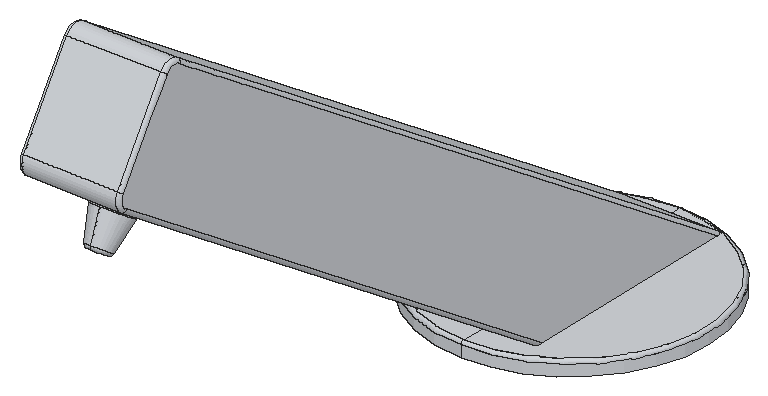
Revit family "Accessory-Touchless-Soap_Dispenser-KOHLER-Angle-K-25193", category Specialty Equipment, host Face, Revit 2017
Family settings
  Host = Face
  Round Connector Dimension = Use Diameter
  Part Type = Normal
  OmniClass Number = 23.31.25.29.13
  OmniClass Title = Hand Soap Dispensers
  Cut with Voids When Loaded = No
  Shared = No
  Room Calculation Point = No
Parameters (values of type "CP-Polished Chrome")
  Width = 1 7/8"  # constant formula
  WaterSense Certified = 1 = 0  # no
  URL = "https://www.us.kohler.com/us/"
  Type = 1
  Product Page URL = "http://www.us.kohler.com/us/catalog/productDetails.jsp?productId=25193"
  Product Name = "Angle"  # constant formula
  Product Documentation Link = "https://www.us.kohler.com/webassets/kpna/catalog/pdf/en/K-25193_spec_US-CA_Kohler_en.pdf"
  Model = "K-25193-CP"  # constant formula
  Material = "Cast Brass Construction"  # constant formula
  Master Format 2014 Name = "Toilet, Bath, and Laundry Accessories"  # constant formula
  Master Format 2014 = "10 28 00"  # constant formula
  Manufacturer Address = "444 Highland Dr, Kohler, WI 53044"  # constant formula
  Manufacturer = "KOHLER Co."  # constant formula
  Length = 5 5/8"  # constant formula
  Height = 3 3/16"  # constant formula
  Finish = Kohler-Metal-CP-Polished_Chrome
  Environmental Product Declaration = ""
  Description = "Foam Soap Dispenser-DC"  # constant formula
  Default Elevation = 42"
  Declare Label = ""
  Date Modified = "08/13/2020"  # constant formula
  Date Created = "08/13/2020"  # constant formula
  Copyright = "Copyright KOHLER Co."  # constant formula
  Contact Us = "https://www.us.kohler.com/us/static/contact.jsp"
  Assembly Code = "C1030200"
  ADA Compliant = 1 = 0  # no
Reference planes (in)
  plane 1 "Center (Front/Back)": y = 0
  plane 2: z = 0
  plane 3 "Center (Left/Right)": x = 0
  plane 4: x = -0.9375
  plane 5: x = -0.34375
  plane 6: x = 0.34375
  plane 7: x = 0.9375
  plane 8: y = 0.9375
  plane 9: y = -0.9375
  plane 10: y = 0.84523
  plane 11: y = -4.26847
  plane 12: z = 3.1875
  plane 13: z = 2
  plane 14: through (0, -3.25255, 3.1875) normal (0, -0.8387, 0.5446)
  plane 15: through (0, -3.76878, 3.1875) normal (0, -0.5563, -0.831)
  plane 16: through (0, -0.58057, 0) normal (0, 0.5563, 0.831)
  plane 17: through (0, 0.78131, 0) normal (0, 0.8387, -0.5446)
  plane 18: through (0, -3.85575, 3.1875) normal (0, -0.8387, 0.5446)
  plane 19: z = 0.09843
Dimensions and locks (in)
  "Width": plane 4 to plane 7
  locked: plane 8 to plane 9 at 1.875
  plane 5 to plane 6 = 11/16"
  "Height": level to plane 12
  "Length": plane 17 to plane 18
  plane 16 to plane 15 = 7/8"
  level to plane 13 = 2"
  aligned and locked: plane 2 to host face
  aligned and locked: level to host face
  aligned and locked: plane 3 "Center (Left/Right)" to nested 1
  aligned and locked: plane 1 "Center (Front/Back)" to nested 1
Automatic sketch dimensions
  host sketch curve to host sketch curve = 96"  (x2)
Nested families (in)
  nested 1: "K-25193" at (0, 0, 0), type "K-25193"
Definition of nested family "K-25193"
  Parameters (values of type "K-25193")
    Material = none
  Reference planes (in)
    plane 1 "Center (Front/Back)": y = 0
    plane 2: z = 0
    plane 3 "Center (Left/Right)": x = 0
    plane 4: x = -0.9375
    plane 5: x = 0.9375
    plane 6: y = 0.9375
    plane 7: y = -0.9375
    plane 8: x = -0.34375
    plane 9: x = 0.34375
    plane 10: z = 3.1875
    plane 11: through (0, -4.28641, 2.52434) normal (0, 0.8387, -0.5446)
    plane 12: z = 2
    plane 13: z = 0.09843
    plane 14: through (0, 0.84523, 0.09843) normal (0, -0.8387, 0.5446)
    plane 15: through (0, 0.84523, 0.09843) normal (0, 0.5563, 0.831)
    plane 16 "A": through (0, -4.16898, 2.40244) normal (0, -0.5563, -0.831)
    plane 17: through (0, -4.06686, 1.93358) normal (0, 0.8387, -0.5446)
    plane 18: y = -4.26847
    plane 19: y = 0.84523
    plane 20: y = -4.02372
  Forms (in)
    Revolve 1, solid, material <- "Material", detail levels medium+fine
      sketch origin (0, 0, 0) x (0, 1, 0) y (0, 0, 1)
        loop
          line (0.9375, 0) -> (0.9375, 0.07594)
          arc (0.9375, 0.07594) -> (0.93091, 0.09184) -> (0.91502, 0.09843) r 0.02248
          line (0.91502, 0.09843) -> (0, 0.09843) -> (0, 0) -> (0.9375, 0)
        axis (0, 0.09843) -> (0, 0)
      angle from 0 to 360
    Sweep 2, solid, material <- "Material", detail levels medium+fine
      path origin (0, 0, 0) x (0, 1, 0) y (0, 0, 1)
        loop
          line (0.84555, 0.09821) -> (-3.74436, 3.17115)
          arc (-3.74436, 3.17115) -> (-3.82079, 3.18615) -> (-3.88513, 3.14226) r 0.10091
          line (-3.88513, 3.14226) -> (-4.25145, 2.57817)
          arc (-4.25145, 2.57817) -> (-4.26576, 2.50243) -> (-4.22278, 2.43846) r 0.10156
          line (-4.22278, 2.43846) -> (-0.63633, 0.03733)
      profile origin (0, -1.4494, 1.63468) x (0, -0.556329, -0.830962) y (1, 0, 0)
        loop
          line (0, 0.3179) -> (0, -0.3179)
          arc (0, -0.3179) -> (0.00757, -0.33618) -> (0.02585, -0.34375) r 0.02585
          line (0.02585, -0.34375) -> (0.06058, -0.34375) -> (0.06058, 0.34375) -> (0.02585, 0.34375)
          arc (0.02585, 0.34375) -> (0.00757, 0.33618) -> (0, 0.3179) r 0.02585
    Extrusion 3, solid, material <- "Material", detail levels medium+fine
      sketch origin (0, 0, 0) x (0, 1, 0) y (0, 0, 1)
        loop
          arc (-3.77806, 3.12081) -> (-3.80861, 3.1268) -> (-3.83432, 3.10926) r 0.04033
          line (-3.83432, 3.10926) -> (-4.20065, 2.54517)
          arc (-4.20065, 2.54517) -> (-4.20642, 2.51461) -> (-4.18907, 2.4888) r 0.04098
          line (-4.18907, 2.4888) -> (-0.54317, 0.04787) -> (0.81185, 0.04787) -> (-3.77806, 3.12081)
      from -0.34375 to 0.34375
    Revolve 4, solid, material <- "Material", detail levels medium+fine
      sketch origin (0, 0, 0) x (0, 1, 0) y (0, 0, 1)
        loop
          line (-4.00787, 2.26906) -> (-4.08257, 2.06383)
          arc (-4.08257, 2.06383) -> (-4.08172, 2.04225) -> (-4.066, 2.02745) r 0.02852
          line (-4.066, 2.02745) -> (-3.96912, 2.17663) -> (-3.92723, 2.14858) -> (-3.88435, 2.21462) -> (-4.0189, 2.302)
          arc (-4.0189, 2.302) -> (-4.00763, 2.28745) -> (-4.00787, 2.26906) r 0.0279
        axis (-4.02372, 2) -> (-3.88435, 2.21462)
      angle from 0 to 360
    Extrusion 5, void
      sketch origin (0, -0.17969, -0.26839) x (0, -0.830962, 0.556329) y (-1, 0, 0)
        loop
          arc (1.15437, -0.25234) -> (1.1681, -0.28548) -> (1.20125, -0.29921) r 0.04688
          line (1.20125, -0.29921) -> (4.75393, -0.29921)
          arc (4.75393, -0.29921) -> (4.78708, -0.28548) -> (4.80081, -0.25234) r 0.04688
          line (4.80081, -0.25234) -> (4.80081, 0.25234)
          arc (4.80081, 0.25234) -> (4.78708, 0.28548) -> (4.75393, 0.29921) r 0.04688
          line (4.75393, 0.29921) -> (1.2031, 0.29921)
          arc (1.2031, 0.29921) -> (1.16865, 0.28494) -> (1.15437, 0.25048) r 0.04873
          line (1.15437, 0.25048) -> (1.15437, -0.25234)
        loop
          line (4.78909, -0.25234) -> (4.78909, 0.25234)
          arc (4.78909, 0.25234) -> (4.77879, 0.2772) -> (4.75393, 0.28749) r 0.03516
          line (4.75393, 0.28749) -> (1.2031, 0.28749)
          arc (1.2031, 0.28749) -> (1.17693, 0.27665) -> (1.16609, 0.25048) r 0.03701
          line (1.16609, 0.25048) -> (1.16609, -0.25234)
          arc (1.16609, -0.25234) -> (1.17639, -0.2772) -> (1.20125, -0.28749) r 0.03516
          line (1.20125, -0.28749) -> (4.75393, -0.28749)
          arc (4.75393, -0.28749) -> (4.77879, -0.2772) -> (4.78909, -0.25234) r 0.03516
      from 0.02283 to -0.05783
    Extrusion 6, void
      sketch origin (0, -0.12775, -0.30316) x (0, -0.830962, 0.556329) y (-1, 0, 0)
        loop
          circle (4.52055, -0.00075) r 0.2563
        loop
          circle (4.52055, -0.00075) r 0.24458
      from -0.06058 to 0.12501
    Revolve 7, solid, material <- "Material", detail levels coarse
      sketch origin (0, 0, 0) x (0, 1, 0) y (0, 0, 1)
        loop
          line (0.9375, 0) -> (0.9375, 0.09843) -> (0, 0.09843) -> (0, 0) -> (0.9375, 0)
        axis (0, 0.09843) -> (0, 0)
      angle from 0 to 360
    Extrusion 8, solid, material <- "Material", detail levels coarse
      sketch origin (0, 0, 0) x (0, 1, 0) y (0, 0, 1)
        loop
          line (0.84523, 0.09843) -> (-3.74335, 3.17047)
          arc (-3.74335, 3.17047) -> (-3.82068, 3.18565) -> (-3.88579, 3.14124) r 0.10211
          line (-3.88579, 3.14124) -> (-4.25235, 2.57679)
          arc (-4.25235, 2.57679) -> (-4.26643, 2.50229) -> (-4.22415, 2.43937) r 0.09989
          line (-4.22415, 2.43937) -> (-0.72758, 0.09843) -> (0.84523, 0.09843)
      from -0.34375 to 0.34375
    Revolve 9, solid, material <- "Material", detail levels coarse
      sketch origin (0, 0, 0) x (0, 1, 0) y (0, 0, 1)
        loop
          line (-3.88025, 2.22093) -> (-4.02372, 2) -> (-3.95844, 1.95761) -> (-3.74876, 2.13554) -> (-3.88025, 2.22093)
        axis (-3.87926, 2.22291) -> (-4.02702, 2.00221)
      angle from 0 to 360
  Cuts and joins
    Extrusion 5, Extrusion 6 cuts Sweep 2
    joined: Revolve 1, Sweep 2, Extrusion 3
    joined: Revolve 7, Extrusion 8, Revolve 9
  Lines and regions (in)
    Masking region 1
      outline origin (0, 0, 0) x (0, 1, 0) y (0, 0, 1)
        loop
          arc (0.9375, 0.07646) -> (0.93107, 0.09199) -> (0.91554, 0.09843) r 0.02196
          line (0.91554, 0.09843) -> (0.84523, 0.09843) -> (-3.74335, 3.17047)
          arc (-3.74335, 3.17047) -> (-3.82068, 3.18565) -> (-3.88579, 3.14124) r 0.10211
          line (-3.88579, 3.14124) -> (-4.25235, 2.57679)
          arc (-4.25235, 2.57679) -> (-4.26643, 2.50229) -> (-4.22415, 2.43937) r 0.09989
          line (-4.22415, 2.43937) -> (-4.01791, 2.30129)
          arc (-4.01791, 2.30129) -> (-4.00732, 2.28732) -> (-4.00761, 2.26978) r 0.02687
          line (-4.00761, 2.26978) -> (-4.08311, 2.06233)
          arc (-4.08311, 2.06233) -> (-4.08333, 2.04538) -> (-4.07295, 2.03197) r 0.02572
          line (-4.07295, 2.03197) -> (-4.02372, 2) -> (-3.97449, 1.96803)
          arc (-3.97449, 1.96803) -> (-3.95802, 1.964) -> (-3.94262, 1.9711) r 0.02572
          line (-3.94262, 1.9711) -> (-3.78539, 2.12294)
          arc (-3.78539, 2.12294) -> (-3.77091, 2.12955) -> (-3.75549, 2.12561) r 0.0239
          line (-3.75549, 2.12561) -> (-0.72758, 0.09843) -> (-0.91554, 0.09843)
          arc (-0.91554, 0.09843) -> (-0.93107, 0.09199) -> (-0.9375, 0.07646) r 0.02196
          line (-0.9375, 0.07646) -> (-0.9375, 0) -> (0.9375, 0) -> (0.9375, 0.07646)
    Masking region 2
      outline origin (0, 0, 0) x (1, 0, 0) y (0, 1, 0)
        loop
          arc (0, 0.9375) -> (-0.66291, 0.66291) -> (-0.9375, 0) r 0.9375
          arc (-0.9375, 0) -> (-0.77497, -0.52756) -> (-0.34375, -0.87221) r 0.9375
          line (-0.34375, -0.87221) -> (-0.34375, -4.24109)
          arc (-0.34375, -4.24109) -> (-0.33573, -4.26045) -> (-0.31638, -4.26847) r 0.02737
          line (-0.31638, -4.26847) -> (0.31638, -4.26847)
          arc (0.31638, -4.26847) -> (0.33573, -4.26045) -> (0.34375, -4.24109) r 0.02737
          line (0.34375, -4.24109) -> (0.34375, -0.87221)
          arc (0.34375, -0.87221) -> (0.77497, -0.52756) -> (0.9375, 0) r 0.9375
          arc (0.9375, 0) -> (0.66291, 0.66291) -> (0, 0.9375) r 0.9375
    Masking region 3
      outline origin (0, 0, 0) x (1, 0, 0) y (0, 0, 1)
        loop
          line (-0.9375, 0) -> (0.9375, 0) -> (0.9375, 0.07566)
          arc (0.9375, 0.07566) -> (0.93083, 0.09176) -> (0.91473, 0.09843) r 0.02277
          line (0.91473, 0.09843) -> (0.34375, 0.09843) -> (0.34375, 3.16253)
          arc (0.34375, 3.16253) -> (0.33644, 3.18019) -> (0.31878, 3.1875) r 0.02497
          line (0.31878, 3.1875) -> (-0.31878, 3.1875)
          arc (-0.31878, 3.1875) -> (-0.33644, 3.18019) -> (-0.34375, 3.16253) r 0.02497
          line (-0.34375, 3.16253) -> (-0.34375, 0.09843) -> (-0.91473, 0.09843)
          arc (-0.91473, 0.09843) -> (-0.93083, 0.09176) -> (-0.9375, 0.07566) r 0.02277
          line (-0.9375, 0.07566) -> (-0.9375, 0)
    symbolic lines, detail levels medium+fine
      curve 1: line (0, 0.84618, 0.09843) -> (0, -0.72853, 0.09843)
      curve 2: line (0, -3.75549, 2.12561) -> (0, -4.01791, 2.30129)
      curve 3: line (-0.34375, -0.87221, 0) -> (-0.34375, 0.81601, 0)
      curve 4: line (0.31453, 0.84523, 0) -> (-0.31453, 0.84523, 0)
      curve 5: line (0.34375, 0.81601, 0) -> (0.34375, -0.87221, 0)
      curve 6: arc (-0.34375, 0.81601, 0) -> (-0.33519, 0.83667, 0) -> (-0.31453, 0.84523, 0) r 0.02922
      curve 7: arc (0.34375, 0.81601, 0) -> (0.33519, 0.83667, 0) -> (0.31453, 0.84523, 0) r 0.02922
      curve 8: line (-0.34276, 0, 0.09843) -> (0.34375, 0, 0.09843)
      curve 9: line (0.25234, 0, 2.39592) -> (-0.25234, 0, 2.39592)
      curve 10: spline (-0.25234, 0, 2.39592) -> (-0.25693, 0, 2.39575) -> (-0.26144, 0, 2.39525) -> (-0.26579, 0, 2.39443) -> (-0.26992, 0, 2.3933) -> (-0.27374, 0, 2.39188) -> (-0.2772, 0, 2.39019) -> (-0.28023, 0, 2.38827) -> (-0.28278, 0, 2.38614) -> (-0.28482, 0, 2.38384) -> (-0.2863, 0, 2.38142) -> (-0.28719, 0, 2.37891) -> (-0.28749, 0, 2.37636)
      curve 11: line (-0.28749, 0, 2.37636) -> (-0.28749, 0, 0.40093)
      curve 12: spline (-0.28749, 0, 0.40093) -> (-0.28718, 0, 0.39824) -> (-0.28623, 0, 0.3956) -> (-0.28468, 0, 0.39305) -> (-0.28254, 0, 0.39063) -> (-0.27985, 0, 0.3884) -> (-0.27665, 0, 0.38637) -> (-0.27301, 0, 0.38459) -> (-0.26899, 0, 0.3831) -> (-0.26465, 0, 0.38191) -> (-0.26006, 0, 0.38104) -> (-0.25531, 0, 0.38052) -> (-0.25048, 0, 0.38034)
      curve 13: line (-0.25048, 0, 0.38034) -> (0.25234, 0, 0.38034)
      curve 14: spline (0.25234, 0, 0.38034) -> (0.25693, 0, 0.38051) -> (0.26144, 0, 0.38101) -> (0.26579, 0, 0.38183) -> (0.26992, 0, 0.38296) -> (0.27374, 0, 0.38438) -> (0.2772, 0, 0.38607) -> (0.28023, 0, 0.38799) -> (0.28278, 0, 0.39012) -> (0.28482, 0, 0.39241) -> (0.2863, 0, 0.39484) -> (0.28719, 0, 0.39735) -> (0.28749, 0, 0.3999)
      curve 15: line (0.28749, 0, 0.3999) -> (0.28749, 0, 2.37636)
      curve 16: spline (0.28749, 0, 2.37636) -> (0.28719, 0, 2.37891) -> (0.2863, 0, 2.38142) -> (0.28482, 0, 2.38384) -> (0.28278, 0, 2.38614) -> (0.28023, 0, 2.38827) -> (0.2772, 0, 2.39019) -> (0.27374, 0, 2.39188) -> (0.26992, 0, 2.3933) -> (0.26579, 0, 2.39443) -> (0.26144, 0, 2.39525) -> (0.25693, 0, 2.39575) -> (0.25234, 0, 2.39592)
      curve 17: line (-0.25234, 0, 2.40244) -> (0.25234, 0, 2.40244)
      curve 18: spline (0.25234, 0, 2.40244) -> (0.25846, 0, 2.40221) -> (0.26447, 0, 2.40155) -> (0.27028, 0, 2.40045) -> (0.27578, 0, 2.39894) -> (0.28087, 0, 2.39705) -> (0.28548, 0, 2.3948) -> (0.28953, 0, 2.39223) -> (0.29293, 0, 2.3894) -> (0.29564, 0, 2.38634) -> (0.29762, 0, 2.38311) -> (0.29881, 0, 2.37976) -> (0.29921, 0, 2.37636)
      curve 19: line (0.29921, 0, 2.37636) -> (0.29921, 0, 0.3999)
      curve 20: spline (0.29921, 0, 0.3999) -> (0.29881, 0, 0.39649) -> (0.29762, 0, 0.39315) -> (0.29564, 0, 0.38992) -> (0.29293, 0, 0.38686) -> (0.28953, 0, 0.38402) -> (0.28548, 0, 0.38146) -> (0.28087, 0, 0.37921) -> (0.27578, 0, 0.37731) -> (0.27028, 0, 0.37581) -> (0.26447, 0, 0.37471) -> (0.25846, 0, 0.37404) -> (0.25234, 0, 0.37382)
      curve 21: line (0.25234, 0, 0.37382) -> (-0.25048, 0, 0.37382)
      curve 22: spline (-0.25048, 0, 0.37382) -> (-0.25684, 0, 0.37405) -> (-0.2631, 0, 0.37474) -> (-0.26913, 0, 0.37588) -> (-0.27485, 0, 0.37745) -> (-0.28015, 0, 0.37942) -> (-0.28494, 0, 0.38176) -> (-0.28914, 0, 0.38443) -> (-0.29268, 0, 0.38738) -> (-0.2955, 0, 0.39056) -> (-0.29755, 0, 0.39391) -> (-0.2988, 0, 0.39739) -> (-0.29921, 0, 0.40093)
      curve 23: line (-0.29921, 0, 0.40093) -> (-0.29921, 0, 2.37636)
      curve 24: spline (-0.29921, 0, 2.37636) -> (-0.29881, 0, 2.37976) -> (-0.29762, 0, 2.38311) -> (-0.29564, 0, 2.38634) -> (-0.29293, 0, 2.3894) -> (-0.28953, 0, 2.39223) -> (-0.28548, 0, 2.3948) -> (-0.28087, 0, 2.39705) -> (-0.27578, 0, 2.39894) -> (-0.27028, 0, 2.40045) -> (-0.26447, 0, 2.40155) -> (-0.25846, 0, 2.40221) -> (-0.25234, 0, 2.40244)
      curve 25: spline (0.00075, 0, 2.34782) -> (-0.05388, 0, 2.34438) -> (-0.10575, 0, 2.33424) -> (-0.15224, 0, 2.31791) -> (-0.19099, 0, 2.29622) -> (-0.22006, 0, 2.27026) -> (-0.23797, 0, 2.24134) -> (-0.24382, 0, 2.21092) -> (-0.23731, 0, 2.18055) -> (-0.21876, 0, 2.15176) -> (-0.18913, 0, 2.12599) -> (-0.1499, 0, 2.10456) -> (-0.10305, 0, 2.08855)
      curve 26: spline (0.10293, 0, 2.08813) -> (0.1501, 0, 2.104) -> (0.18969, 0, 2.12535) -> (0.21967, 0, 2.15108) -> (0.23854, 0, 2.1799) -> (0.24532, 0, 2.21034) -> (0.23967, 0, 2.24085) -> (0.22189, 0, 2.26988) -> (0.19287, 0, 2.29596) -> (0.1541, 0, 2.31775) -> (0.10753, 0, 2.33417) -> (0.05553, 0, 2.34436) -> (0.00075, 0, 2.34782)
      curve 27: spline (-0.10078, 0, 2.08083) -> (-0.15131, 0, 2.09698) -> (-0.19398, 0, 2.11905) -> (-0.22659, 0, 2.14592) -> (-0.24744, 0, 2.17619) -> (-0.25547, 0, 2.2083) -> (-0.25025, 0, 2.24059) -> (-0.23205, 0, 2.27139) -> (-0.20182, 0, 2.2991) -> (-0.16111, 0, 2.3223) -> (-0.11204, 0, 2.33979) -> (-0.05714, 0, 2.35065) -> (0.00075, 0, 2.35434)
      curve 28: spline (0.00075, 0, 2.35434) -> (0.05879, 0, 2.35063) -> (0.11381, 0, 2.33971) -> (0.16296, 0, 2.32215) -> (0.20368, 0, 2.29884) -> (0.23386, 0, 2.27102) -> (0.25193, 0, 2.24011) -> (0.25695, 0, 2.20773) -> (0.24866, 0, 2.17556) -> (0.22748, 0, 2.14527) -> (0.19453, 0, 2.11843) -> (0.15151, 0, 2.09645) -> (0.10066, 0, 2.08045)
      curve 29: line (0, 0, 2.44503) -> (-0.3144, 0, 2.44503)
      curve 30: arc (-0.3144, 0, 2.44503) -> (-0.33373, 0, 2.45218) -> (-0.34375, 0, 2.47018) r 0.0297
      curve 31: line (0, 0, 2.44503) -> (0.3144, 0, 2.44503)
      curve 32: arc (0.3144, 0, 2.44503) -> (0.33373, 0, 2.45218) -> (0.34375, 0, 2.47018) r 0.0297
      curve 33: spline (0, 0, 1.97255) -> (-0.01305, 0, 1.97348) -> (-0.0252, 0, 1.97623) -> (-0.03564, 0, 1.98059) -> (-0.04365, 0, 1.98627) -> (-0.04869, 0, 1.99289) -> (-0.05041, 0, 2) -> (-0.04869, 0, 2.00711) -> (-0.04365, 0, 2.01373) -> (-0.03564, 0, 2.01941) -> (-0.0252, 0, 2.02377) -> (-0.01305, 0, 2.02652) -> (0, 0, 2.02745)
      curve 34: spline (0, 0, 2.02745) -> (0.01305, 0, 2.02652) -> (0.0252, 0, 2.02377) -> (0.03564, 0, 2.01941) -> (0.04365, 0, 2.01373) -> (0.04869, 0, 2.00711) -> (0.05041, 0, 2) -> (0.04869, 0, 1.99289) -> (0.04365, 0, 1.98627) -> (0.03564, 0, 1.98059) -> (0.0252, 0, 1.97623) -> (0.01305, 0, 1.97348) -> (0, 0, 1.97255)
      curve 35: arc (0, 0, 1.96422) -> (-0.04015, 0, 1.97091) -> (-0.07357, 0, 1.99414) r 0.09275
      curve 36: arc (-0.10699, 0, 2.28014) -> (-0.05459, 0, 2.29643) -> (0, 0, 2.30193) r 0.27354
      curve 37: arc (-0.14679, 0, 2.24969) -> (-0.12881, 0, 2.26743) -> (-0.10699, 0, 2.28014) r 0.10081
      curve 38: arc (-0.14679, 0, 2.24969) -> (-0.15753, 0, 2.19918) -> (-0.12409, 0, 2.15983) r 0.05852
      curve 39: arc (0.10699, 0, 2.28014) -> (0.05459, 0, 2.29643) -> (0, 0, 2.30193) r 0.27354
      curve 40: arc (0.14679, 0, 2.24969) -> (0.12881, 0, 2.26743) -> (0.10699, 0, 2.28014) r 0.10081
      curve 41: arc (0.14679, 0, 2.24969) -> (0.15753, 0, 2.19918) -> (0.12409, 0, 2.15983) r 0.05852
      curve 42: arc (0, 0, 1.96422) -> (0.04015, 0, 1.97091) -> (0.07357, 0, 1.99414) r 0.09275
      curve 43: arc (-0.09897, 0, 2.25871) -> (-0.05083, 0, 2.27609) -> (0, 0, 2.28199) r 0.22203
      curve 44: arc (-0.11642, 0, 2.24694) -> (-0.10808, 0, 2.2534) -> (-0.09897, 0, 2.25871) r 0.08034
      curve 45: arc (-0.13288, 0, 2.1896) -> (-0.133, 0, 2.22066) -> (-0.11642, 0, 2.24694) r 0.05558
      curve 46: arc (0.09897, 0, 2.25871) -> (0.05083, 0, 2.27609) -> (0, 0, 2.28199) r 0.22203
      curve 47: arc (0.13288, 0, 2.1896) -> (0.133, 0, 2.22066) -> (0.11642, 0, 2.24694) r 0.05558
      curve 48: arc (0.11642, 0, 2.24694) -> (0.10808, 0, 2.2534) -> (0.09897, 0, 2.25871) r 0.08034
      curve 49: arc (-0.07571, 0, 2.01638) -> (-0.06717, 0, 2.02826) -> (-0.05698, 0, 2.03877) r 0.10019
      curve 50: arc (-0.07357, 0, 1.99414) -> (-0.07836, 0, 2.0049) -> (-0.07571, 0, 2.01638) r 0.01855
      curve 51: line (-0.07836, 0, 2.0049) -> (-0.13288, 0, 2.1896)
      curve 52: arc (0.07571, 0, 2.01638) -> (0.06717, 0, 2.02826) -> (0.05698, 0, 2.03877) r 0.10019
      curve 53: arc (0.07357, 0, 1.99414) -> (0.07836, 0, 2.0049) -> (0.07571, 0, 2.01638) r 0.01855
      curve 54: line (0.07836, 0, 2.0049) -> (0.13288, 0, 2.1896)
      curve 55: arc (-0.05698, 0, 2.03877) -> (-0.0298, 0, 2.05129) -> (0, 0, 2.05404) r 0.08852
      curve 56: arc (0.05698, 0, 2.03877) -> (0.0298, 0, 2.05129) -> (0, 0, 2.05404) r 0.08852
  Dimensions and locks (in)
    plane 10 to level = 3 3/16"
    plane 12 to level = 2"
    plane 11 to plane 14 = 5 5/8"
    plane 15 to plane 16 "A" = 7/8"
    plane 8 to plane 9 = 11/16"
    plane 4 to plane 5 = 1 7/8"
    aligned and locked: plane 2 to level
